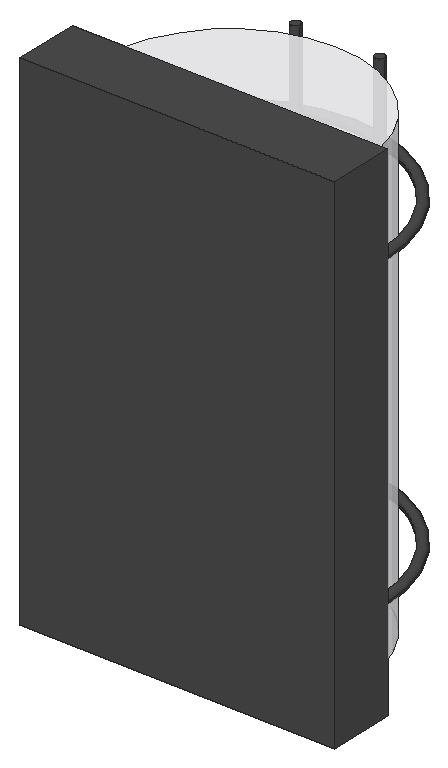
Revit family "TLI - Royal VHT - Wall", category Lighting Fixtures, host Wall, Revit 2014
Parameters (values of type "TBX 1 -  42W - 277V")
  Width = 0' - 8 1/4"
  Wet Location [instance] = yes
  Watts = 42 W
  Wattage = 21.5427 W
  built-in parameter 1150110 = 1 (stored number, unit not read)
  Voltage = 277 V
  URL = "http://teronlighting.com/"
  built-in parameter 1114217 = 0.81 (stored number, unit not read)
  Tilt Angle = 0.00°
  built-in parameter 1150109 = 1 (stored number, unit not read)
  built-in parameter 1150134 = (empty or 0)
  built-in parameter 1150113 = 1 (stored number, unit not read)
  Requires Special Disposal = no
  Remote Battery = no
  Product Page URL = "http://teronlighting.com/products/royal/"
  Product Documentation URL = "http://teronlighting.com/wp-content/uploads/Royal.pdf"
  Product = "Royal VHT"
  Point of Final Manufacture = "Fairfield, OH, USA"
  Photometric Web File = "generic.ies"
  Percentage Pre-Consumer = 0
  Percentage Post-Consumer = 0
  Number of Lamps = 1
  built-in parameter 1150142 = (empty or 0)
  Multi-Tap Ballast [instance] = no
  Mounting Type = "4\" Junction Box"
  Model = "RL - F142X-VHT"
  MasterFormat 2004 Title = "Exterior Lighting"
  MasterFormat 2004 Number = "26.56.00"
  Manufacturer Telephone = "01-513-858-6004"
  Manufacturer Email = "sales@teronlight.com"
  Manufacturer Address = "33 Donald Drive Fairfield, OH 45014"
  Manufacturer = "Teron Lighting"
  Lumens = 3200 lm
  built-in parameter 1150115 = 1 (stored number, unit not read)
  built-in parameter 1150105 = 254.65 (stored number, unit not read)
  built-in parameter 1150137 = (empty or 0)
  built-in parameter 1150139 = 0.81 (stored number, unit not read)
  Length = 1' - 1 1/2"
  built-in parameter 1150112 = 1 (stored number, unit not read)
  built-in parameter 1150114 = 1 (stored number, unit not read)
  Lamp Base = "4-Pin"
  Lamp = "1 - 42W TBX"
  Integral Battery = no
  built-in parameter 1150132 = 2
  built-in parameter 1150102 = 3600
  built-in parameter 1150138 = 4100 (stored number, unit not read)
  built-in parameter 1150107 = 4100 (stored number, unit not read)
  Industry Standards = "ETL"
  built-in parameter 1150106 = 2.5465 (stored number, unit not read)
  Fixture Material = Paint - TLI - Textured Black
  Fixture = "Steel"
  Finish = "Textured Black"
  Emergency Light Fixture [instance] = no
  Electronic Ballast [instance] = yes
  built-in parameter 1150104 = 13.8 (stored number, unit not read)
  Distributor Locations = "USA, Canada, Puerto Rico"
  Dimming Lamp Color Temperature Shift = <None>
  Dimming Ballast [instance] = no
  Diffuser Material = Acrylic - TLI - Luminous White
  Diffuser = "Luminous White Acrylic"
  Description = "Architectectural Outdoor"
  Depth = 0' - 6"
  Date Created = "11.25.2013"
  Created By = "RenderSpec  http://rederspec.com"
  Cost = 0
  Conditions of Use = "Elements are representations. Color and detail may differ from actual product. Information is for general use and should be reviewed by a Professional."
  Color Filter = 16777215
  built-in parameter 1114218 = 1 (stored number, unit not read)
  built-in parameter 1150133 = 10 (stored number, unit not read)
  Apparent Load = 42 VA
  Amps = 1
  ADA Compliant = no
Types (16): name | Watts | Wattage | Voltage | Number of Lamps | Multi-Tap Ballast | Model | Lumens | built-in parameter 1150105 | Lamp | built-in parameter 1150138 | built-in parameter 1150106 | Apparent Load
  QE 1 -  13W - 120V | 13 W | 6.05889 W | 120 V | 1 | yes | "RL - F113Q-VHT" | 900 lm | 71.62 (stored number, unit not read) | "1 - 13W QE" | 4100 (stored number, unit not read) | 0.7162 (stored number, unit not read) | 13 VA
  QE 1 -  13W - 277V | 13 W | 6.05889 W | 277 V | 1 | yes | "RL - F113Q-VHT" | 900 lm | 71.62 (stored number, unit not read) | "1 - 13W QE" | 4100 (stored number, unit not read) | 0.7162 (stored number, unit not read) | 13 VA
  QE 2 -  13W - 120V | 26 W | 1.86479 W | 120 V | 2 | yes | "RL - F213Q-VHT" | 277 lm | 22.043 (stored number, unit not read) | "2 - 18W QE" | 4100 (stored number, unit not read) | 0.22043 (stored number, unit not read) | 26 VA
  QE 2 -  13W - 277V | 26 W | 1.86479 W | 277 V | 2 | yes | "RL - F213Q-VHT" | 277 lm | 22.043 (stored number, unit not read) | "2 - 18W QE" | 4100 (stored number, unit not read) | 0.22043 (stored number, unit not read) | 26 VA
  QE 1 -  18W - 120V | 18 W | 8.41513 W | 120 V | 1 | yes | "RL - F118Q-VHT" | 1250 lm | 99.472 (stored number, unit not read) | "1 - 18W QE" | 2700 (stored number, unit not read) | 0.99472 (stored number, unit not read) | 18 VA
  QE 1 -  18W - 277V | 18 W | 84.1513 W | 277 V | 1 | yes | "RL - F118Q-VHT" | 12500 lm | 994.72 (stored number, unit not read) | "1 - 18W QE" | 2700 (stored number, unit not read) | 9.9472 (stored number, unit not read) | 18 VA
  QE 2 -  18W - 120V | 36 W | 16.8303 W | 120 V | 2 | yes | "RL - F218Q-VHT" | 2500 lm | 198.94 (stored number, unit not read) | "2 - 18W QE" | 2700 (stored number, unit not read) | 1.9894 (stored number, unit not read) | 36 VA
  QE 2 -  18W - 277V | 36 W | 16.8303 W | 277 V | 2 | yes | "RL - F218Q-VHT" | 2500 lm | 198.94 (stored number, unit not read) | "2 - 18W QE" | 2700 (stored number, unit not read) | 1.9894 (stored number, unit not read) | 36 VA
  QE 1 -  26W - 120V | 26 W | 12.1178 W | 120 V | 1 | no | "RL - F126Q -VHT" | 1800 lm | 143.24 (stored number, unit not read) | "1 - 26W QE" | 4100 (stored number, unit not read) | 1.4324 (stored number, unit not read) | 26 VA
  QE 1 -  26W - 277V | 26 W | 12.1178 W | 277 V | 1 | no | "RL - F126Q -VHT" | 1800 lm | 143.24 (stored number, unit not read) | "1 - 26W QE" | 4100 (stored number, unit not read) | 1.4324 (stored number, unit not read) | 26 VA
  QE 2 -  26W - 120V | 52 W | 24.2356 W | 120 V | 2 | no | "RL - F226Q -VHT" | 3600 lm | 286.48 (stored number, unit not read) | "2 - 26W TBX" | 4100 (stored number, unit not read) | 2.8648 (stored number, unit not read) | 52 VA
  QE 2 -  26W - 277V | 52 W | 24.2356 W | 277 V | 2 | no | "RL - F226Q-VHT" | 3600 lm | 286.48 (stored number, unit not read) | "2 - 26W TBX" | 4100 (stored number, unit not read) | 2.8648 (stored number, unit not read) | 52 VA
  TBX 1 -  32W - 120V | 32 W | 16.1571 W | 120 V | 1 | no | "RL - F132X-VHT" | 2400 lm | 190.99 (stored number, unit not read) | "1 - 32W  TBX" | 4100 (stored number, unit not read) | 1.9099 (stored number, unit not read) | 32 VA
  TBX 1 -  32W - 277V | 32 W | 16.1571 W | 277 V | 1 | no | "RL - F132X-VHT" | 2400 lm | 190.99 (stored number, unit not read) | "1 - 32W  TBX" | 4100 (stored number, unit not read) | 1.9099 (stored number, unit not read) | 32 VA
  TBX 1 -  42W - 120V | 42 W | 21.5427 W | 120 V | 1 | no | "RL - F142X-VHT" | 3200 lm | 254.65 (stored number, unit not read) | "1 - 42W TBX" | 4100 (stored number, unit not read) | 2.5465 (stored number, unit not read) | 42 VA
  TBX 1 -  42W - 277V | 42 W | 21.5427 W | 277 V | 1 | no | "RL - F142X-VHT" | 3200 lm | 254.65 (stored number, unit not read) | "1 - 42W TBX" | 4100 (stored number, unit not read) | 2.5465 (stored number, unit not read) | 42 VA
Reference planes (in)
  plane 1: y = 0
  plane 2 "Light Source Axis (L/R)": x = -1.43133
  plane 3 "Light Source Elevation": z = 59.99046
  plane 4: y = 5
Text (in)
  text "Placement Side" at (0, 40.15149, 117.0711), in view "Right"
  text "Placement Side" at (-70.3804, 28.46503, 0), in view "Ref. Level"
  text "Placement Side" at (0, 47.49176, 118.91627), in view "Left"
Dimensions and locks (in)
  host wall to plane 4 = 0' - 2"
  locked: nested 2 to plane 4 at 2
  aligned and locked: plane 2 "Light Source Axis (L/R)" to imposter light
  aligned and locked: plane 3 "Light Source Elevation" to imposter light
  aligned and locked: nested 1 to plane 2 "Light Source Axis (L/R)"
  aligned and locked: nested 1 to host wall
Nested families (in)
  nested 1: "Wall Mounted Light Fixture" at (-1.43133, 3, 0), Emergency Light Fixture <- "Emergency Light Fixture", type "Wall Mounted Light Fixture"
    with Emergency Light Fixture no
  nested 2: "Royal VHT" at (-1.43133, 3, 60.03469), type "Royal VHT"
Connectors (in)
  electrical at (-1.43133, 3, 60.03469), driven by "Apparent Load", driven by "Voltage"
    settings: on nested 2, index 1, voltage 277 V, apparent load 42 VA, apparent load phase1 0 VA, apparent load phase2 0 VA, apparent load phase3 0 VA, power factor 1, load classification "Other", number of poles 1, system type 30, power factor state 1, is connector primary yes, connector utility no, sub classification motor no, connector description ""
Definition of nested family "Royal VHT"
  Parameters (values of type "Royal VHT")
    Fixture Material = none
    Diffuser Material = none
  Reference planes (in)
    plane 1 "Center (Front/Back)": y = 0
    plane 2: z = 0
    plane 3 "Center (Left/Right)": x = 0
  Forms (in)
    Extrusion 1, solid, material <- "Fixture Material"
      sketch origin (-4.92126, -3.11303, 3.3125) x (1, 0, 0) y (0, 1, 0)
        loop
          line (0.73376, 3.11303) -> (9.10876, 3.11303) -> (9.10876, 4.86865) -> (0.73376, 4.86865) -> (0.73376, 3.11303)
      from -10.0625 to 3.4375
    Sweep 2, solid, material <- "Fixture Material"
      path origin (-4.92126, -3.19714, 4.23535) x (1, 0, 0) y (0, 1, 0)
        loop
          arc (8.92126, 4.95276) -> (4.92126, 8.95276) -> (0.92126, 4.95276) r 4
      profile origin (0, 5.75562, 4.23535) x (0, -1, 0) y (0, 0, 1)
        loop
          circle (0, -0.125) r 0.125
    Extrusion 3, solid, material <- "Fixture Material"
      sketch origin (-4.92126, -2.94714, 3.3125) x (1, 0, 0) y (0, 1, 0)
        loop
          circle (3.79626, 8.26931) r 0.125
        loop
          circle (6.04626, 8.26931) r 0.125
      from -9.66401 to 3.00564
    Extrusion 4, solid, material <- "Diffuser Material"
      sketch origin (-4.92126, -3.19714, 3.3125) x (1, 0, 0) y (0, 1, 0)
        loop
          line (1.42126, 4.95276) -> (8.42126, 4.95276)
          arc (8.42126, 4.95276) -> (4.92126, 8.45276) -> (1.42126, 4.95276) r 3.5
      from 2.875 to -9.49743
    Sweep 5, solid, material <- "Fixture Material"
      path origin (-4.92126, -3.19714, -3.98438) x (1, 0, 0) y (0, 1, 0)
        loop
          arc (8.92126, 4.95276) -> (4.92126, 8.95276) -> (0.92126, 4.95276) r 4
      profile origin (0, 5.75562, -3.98438) x (0, -1, 0) y (0, 0, 1)
        loop
          circle (0, -0.125) r 0.125
  Dimensions and locks (in)
    aligned and locked: plane 2 to level
Definition of nested family "Wall Mounted Light Fixture"
  Parameters (values of type "Wall Mounted Light Fixture")
    Emergency Light Fixture [instance] = no
  Reference planes (in)
    plane 1: y = 0
    plane 2: x = 0
  Lines and regions (in)
    detail lines, built-in parameter 1006310 <- "Emergency Light Fixture"
      curve 1: circle (0, 0.125, 0) r 0.0625 normal (0, 0, 1)
    detail lines
      curve 2: line (-0.0625, 0, 0) -> (0.0625, 0, 0)
      curve 3: line (0, 0, 0) -> (0, 0.0625, 0)
